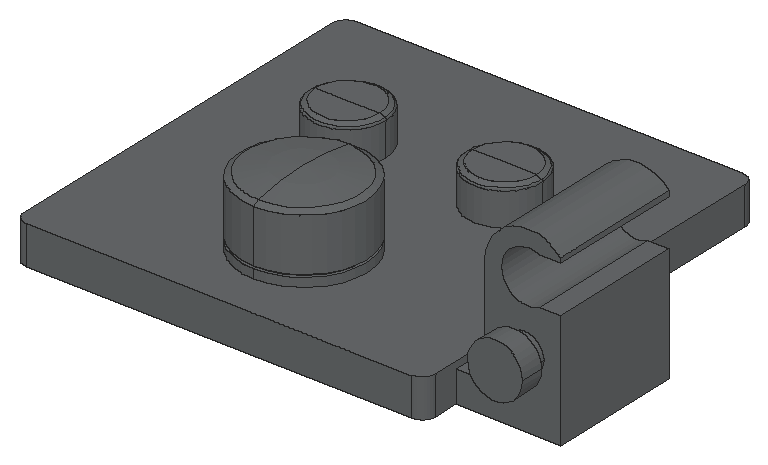
Revit family "Grohe_ConcealedShowerSystemWithRainshowerMono310Cube_34865KF0", category Plumbing Fixtures, host Face, Revit 2020
Family settings
  Host = Face
  Round Connector Dimension = Use Diameter
  Part Type = Normal
  OmniClass Number = 23.45.05.00
  OmniClass Title = Sanitary Equipment
  Cut with Voids When Loaded = No
  Shared = No
  Room Calculation Point = No
Parameters (values of type "Concealed Shower System With Rainshower Mono 310 Cube (34865KF0)")
  _ObjectUserGuide = "https://www.bimstore.co/products/grohe-34865KF0/document/object-user-guide"
  _DistributedBy = "https://www.bimstore.co/"
  _CurrentRevision = 1
  _CreatedBy = "https://www.bimstore.co/"
  _BimSpecGuid = 0
  _BSBibleVersion = 17
  _AuthorizedBy = "bimstore"
  _Author = "RL 171"
  WarrantyStartDate [instance] = "Please Record on Commissioning"
  WarrantyGuarantorParts = "info-uk@grohe.com"
  WarrantyGuarantorLabor = "info-uk@grohe.com"
  WarrantyDurationUnit = "Years"
  WarrantyDurationParts = "0"
  WarrantyDurationLabor = "0"
  WarrantyDescription = "n/a"
  URL = "https://www.grohe.co.uk/en_gb/-34865KF0.html"
  TypeName = "Concealed Shower System With Rainshower Mono 310 Cube"
  Type Comments = "Concealed Shower System With Rainshower Mono 310 Cube"
  TPIDocumentLink = "n/a"
  SustainabilityReport = "green.grohe.com/reporting"
  SustainabilityAward = "green.grohe.com/awards"
  SpareParts = "info-uk@grohe.com"
  Size = "n/a"
  Shape = "n/a"
  SerialNumber [instance] = "Please Record on Commissioning"
  ReplacementCost = "n/a"
  ReferencedStandard = "n/a"
  ProductionYear = "2023"
  ProductType = "Thermostat"
  ProductShortText = "Concealed shower system with Rainshower Mono 310 Cube"
  ProductNumber = "34865KF0"
  ProductDescription = "consisting of:\r\n\r\nconcealed thermostat with 2 valves and integrated hand shower holder\r\n\r\nGROHE Rapido SmartBox universal rough-in box, 1/2\" (35 604)\r\n\r\nRainshower Mono Cube 310 head shower set including horizontal shower arm 422 mm\r\n\r\nRainshower SmartActive 130 Cube hand shower 3 sprays\r\n\r\nSilverflex shower hose 1500 mm 1/2\" x 1/2\"\r\n\r\noptional flow regulator 9.5 l/min included for hand shower and head shower"
  PrimaryMaterial = Grohe_Black
  PQDiagramLink = "n/a"
  NominalLength = 0 mm
  NominalHeight = 0 mm
  NominalDepth = 0 mm
  NBSReference = "45-35-70/326"
  NBSOfficeMasterTag = "n/a"
  NBSObjectName = "Grohe - Shower fittings package"
  NBSNote = "n/a"
  NBSDescription = "Shower fittings package"
  ModelReference = "Concealed Shower System With Rainshower Mono 310 Cube"
  ModelNumber = "34865KF0"
  Model = "Concealed Shower System With Rainshower Mono 310 Cube"
  Material = "n/a"
  ManufacturerName = "Grohe"
  Manufacturer = "Grohe"
  Keynote = "N16"
  InstallationVideo = "n/a"
  InstallationDate [instance] = "Please Record on Commissioning"
  IfcExportType = "IfcPipeFittingType"
  IfcExportAs = "IfcPipeFitting"
  Grade = "n/a"
  GROHESustainability = "green.grohe.com"
  GROHESocialCommittment = "green.grohe.com/social_engagement"
  FullRecyclabilityOfPlastic = "All plastic components are fully recycable"
  Finish = "Black"
  Features = "n/a"
  ExpectedLife = 0
  Ecojoy = no
  DurationUnit = "Years"
  DocumentationTechnical = "https://www.bimstore.co/products/grohe-34865KF0/document/technical-data-sheet"
  DocumentationMaintenance = "https://www.bimstore.co/products/grohe-34865KF0/document/maintenance-information"
  DocumentationLiterature = "https://www.bimstore.co/products/grohe-34865KF0/document/product-literature"
  DocumentationInstallationGuide = "https://www.bimstore.co/products/grohe-34865KF0/document/installation-guide"
  DocumentationCertificates = "https://www.bimstore.co/products/grohe-34865KF0/document/product-certificates"
  DimensionsDocumentLink = "https://cdn.cloud.grohe.com/dimdraw/100000/100000/100000/100300/100330/100330/100330116/1280/100330116.jpg"
  Description = "Concealed Shower System With Rainshower Mono 310 Cube"
  Default Elevation = 0 mm
  CreatedOn = "2023-12-05T:09:00:00"
  CreatedBy = "info-uk@grohe.com"
  CradleToCradleCertification = "n/a"
  Cost = 0
  Constituents = "n/a"
  Color = "Grohe_Black"
  CodePerformance = "n/a"
  ClassificationValue = "Pr_40_20_87_55"
  ClassificationName = "Uniclass2015"
  CO2NeutralProduction = "GROHE is one of the first leading manufacturer within the sanitary industry having a CO2-neutral production."
  BarCode [instance] = "Please Record on Commissioning"
  BIMObjectName = "Grohe_ConcealedShowerSystemWithRainshowerMono310Cube_34865KF0"
  AssetType = "Fixed"
  AssetIdentifier [instance] = "n/a"
  Assembly Code = "D2013"
  AccessibilityPerformance = "n/a"
Reference planes
  plane 1 "Center (Front/Back)": y = 0
  plane 2: z = 0
  plane 3 "Center (Left/Right)": x = 0
  plane 4: through (0, 624.26, 95.99) normal (0, -0.2075, 0.9782)
  plane 5: through (0, 638.035, 112.404) normal (0, -0.9782, -0.2075)
  plane 6: through (0, 621.666, 108.218) normal (0, -0.2075, 0.9782)
  plane 7: through (0, 627.684, 79.85) normal (0, -0.2075, 0.9782)
  plane 8: through (0, 622.278, 101.192) normal (0, -0.2075, 0.9782)
Forms (mm)
  Extrusion 1, solid, material "Grohe_Black" <- "PrimaryMaterial"
    sketch origin (0, 0, 0) x (1, 0, 0) y (0, 1, 0)
      loop
        line (73.708, 78.982) -> (-73.982, 78.982)
        arc (-73.982, 78.982) -> (-77.517, 77.517) -> (-78.982, 73.982) r 5
        line (-78.982, 73.982) -> (-78.982, -73.982)
        arc (-78.982, -73.982) -> (-77.517, -77.517) -> (-73.982, -78.982) r 5
        line (-73.982, -78.982) -> (73.708, -78.982)
        arc (73.708, -78.982) -> (77.244, -77.517) -> (78.708, -73.982) r 5
        line (78.708, -73.982) -> (78.708, 73.982)
        arc (78.708, 73.982) -> (77.244, 77.517) -> (73.708, 78.982) r 5
    from 0 to 14.505
  Revolve 2, solid, material "Grohe_Black" <- "PrimaryMaterial"
    sketch origin (-0.137, 2.249, -0.539) x (0, 1, 0) y (0, 0, 1)
      loop
        line (-64.839, 18.44) -> (-64.839, 2.54) -> (-40.734, 2.54) -> (-40.734, 43.442)
        arc (-40.734, 43.442) -> (-51.63, 42.852) -> (-62.399, 41.09) r 100.953
        line (-62.399, 41.09) -> (-64.749, 39.706) -> (-64.749, 19.44) -> (-63.349, 19.44) -> (-63.349, 18.44) -> (-64.839, 18.44)
      axis (-40.734, 43.442) -> (-40.734, 2.54)
    angle from 0 to 360
  Extrusion 3, solid, material "Grohe_Black" <- "PrimaryMaterial"
    sketch origin (0, -67.893, 0) x (1, 0, 0) y (0, 0, 1)
      loop
        circle (0, 29.733) r 7.787
    from -54.636 to -45.91
  Revolve 4, solid, material "Grohe_Black" <- "PrimaryMaterial"
    sketch origin (0, 20, 0) x (1, 0, 0) y (0, 0, 1)
      loop
        line (-30, 28.902) -> (-42.249, 28.902) -> (-44.063, 27.854)
        arc (-44.063, 27.854) -> (-44.382, 27.535) -> (-44.499, 27.099) r 0.872
        line (-44.499, 27.099) -> (-44.499, 10.5) -> (-30, 10.5) -> (-30, 28.902)
      axis (-30, 28.902) -> (-30, 10.5)
    angle from 0 to 360
  Revolve 5, solid, material "Grohe_Black" <- "PrimaryMaterial"
    sketch origin (60, 20, 0) x (1, 0, 0) y (0, 0, 1)
      loop
        line (-30, 28.902) -> (-42.249, 28.902) -> (-44.063, 27.854)
        arc (-44.063, 27.854) -> (-44.382, 27.535) -> (-44.499, 27.099) r 0.872
        line (-44.499, 27.099) -> (-44.499, 10.5) -> (-30, 10.5) -> (-30, 28.902)
      axis (-30, 28.902) -> (-30, 10.5)
    angle from 0 to 360
  Extrusion 6, solid, material "Grohe_Black" <- "PrimaryMaterial"
    sketch origin (0, 0, 0) x (1, 0, 0) y (0, 0, 1)
      loop
        line (90.1, 12) -> (78.719, 12) -> (78.719, 0) -> (118.9, 0) -> (118.9, 44.477) -> (110.91, 44.477)
        arc (110.91, 44.477) -> (96.6, 53.525) -> (110.955, 62.502) r 10
        line (110.955, 62.502) -> (118.9, 62.502) -> (118.9, 64.498)
        arc (118.9, 64.498) -> (100.714, 68.914) -> (90.1, 53.5) r 16.5
        line (90.1, 53.5) -> (90.1, 12)
    from 12.516 to 64.516
  Extrusion 7, solid, material "Grohe_Black" <- "PrimaryMaterial"
    sketch origin (0, 0, 0) x (1, 0, 0) y (0, 0, 1)
      loop
        circle (104.969, 26.888) r 10.5
    from 69.379 to 78.318
  Extrusion 8, solid, material "Grohe_Black" <- "PrimaryMaterial"
    sketch origin (0, 4.863, 0) x (1, 0, 0) y (0, 0, 1)
      loop
        circle (104.969, 26.888) r 7.5
    from 69.379 to 74.242
Cuts and joins
  joined: Extrusion 1, Revolve 2, Revolve 4, Revolve 5, Extrusion 6, Extrusion 7, Extrusion 8
Dimensions and locks
  aligned and locked: plane 2 to host face
  aligned and locked: level to host face
